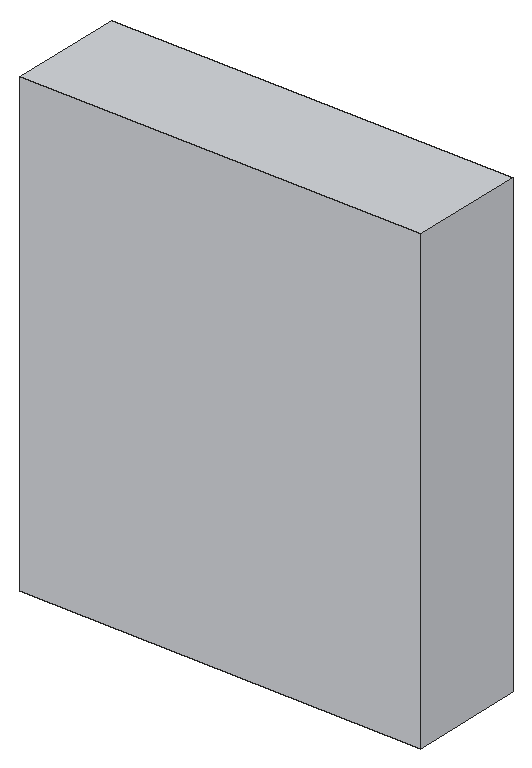
Revit family "74cc005b1e8048afa3a4298c9693a05c", category Site, host Wall, Revit 2021
Family settings
  Host = Wall
  Round Connector Dimension = Use Diameter
  Part Type = Normal
  Seek Item ID = Telephone Connection-0000-USA-ENU
  Always vertical = Yes
  Cut with Voids When Loaded = No
  Shared = No
Parameters (values of type "Standard")
  Width = 0' - 5 3/4"
  Length = 1' - 8"
  Install Height = 4' - 0"
  Height = 1' - 11"
Reference planes (in)
  plane 1: y = 0
  plane 2 "Center (Left/Right)": x = 0
  plane 3 "Wall Edge": y = 3
  plane 4: z = 48
  plane 5: z = 71
  plane 6: x = 10
  plane 7: x = -10
  plane 8: y = 8.75
Forms (in)
  Extrusion 1, solid
    sketch origin (0, 0, 0) x (0, 1, 0) y (0, 0, 1)
      loop
        line (8.75, 71) -> (3, 71) -> (3, 48) -> (8.75, 48) -> (8.75, 71)
    from -10 to 10
Text (in)
  text "Placement Side" at (0, 40.15149, 123.01588), in view "Right"
  text "Placement Side" at (-70.3804, 28.46503, 0), in view "Ref. Level"
  text "Placement Side" at (0, 81.62555, 140.59947), in view "Left"
Dimensions and locks (in)
  locked: plane 3 "Wall Edge" to host wall
  "Install Height": plane 4 to level
  "Height": plane 5 to plane 4
  equal spacing: plane 7, plane 2 "Center (Left/Right)", plane 6
  "Length": plane 7 to plane 6
  "Width": plane 8 to plane 3 "Wall Edge"
  aligned and locked: plane 8 to Extrusion 1 sketch curve
  aligned and locked: plane 5 to Extrusion 1 sketch curve
  aligned and locked: plane 4 to Extrusion 1 sketch curve
  aligned and locked: Extrusion 1 sketch curve to host wall
  aligned and locked: plane 7 to Extrusion 1
  aligned and locked: Extrusion 1 to plane 6
  aligned and locked: plane 5 to Extrusion 1
  aligned and locked: Extrusion 1 to plane 4
Connectors (in)
  electrical at (10, 5.875, 59.5)
    settings: on Extrusion 1, index 1, voltage 0 V, apparent load 0 VA, apparent load phase1 0 VA, apparent load phase2 0 VA, apparent load phase3 0 VA, power factor 1, load classification "Other", number of poles 1, system type 9, power factor state 1, is connector primary yes, connector utility yes, sub classification motor no, connector description "Telephone"
  electrical at (-10, 5.875, 59.5)
    settings: on Extrusion 1, index 2, voltage 0 V, apparent load 0 VA, apparent load phase1 0 VA, apparent load phase2 0 VA, apparent load phase3 0 VA, power factor 1, load classification "Other", number of poles 1, system type 9, power factor state 1, is connector primary no, connector utility no, sub classification motor no, connector description "Telephone"
